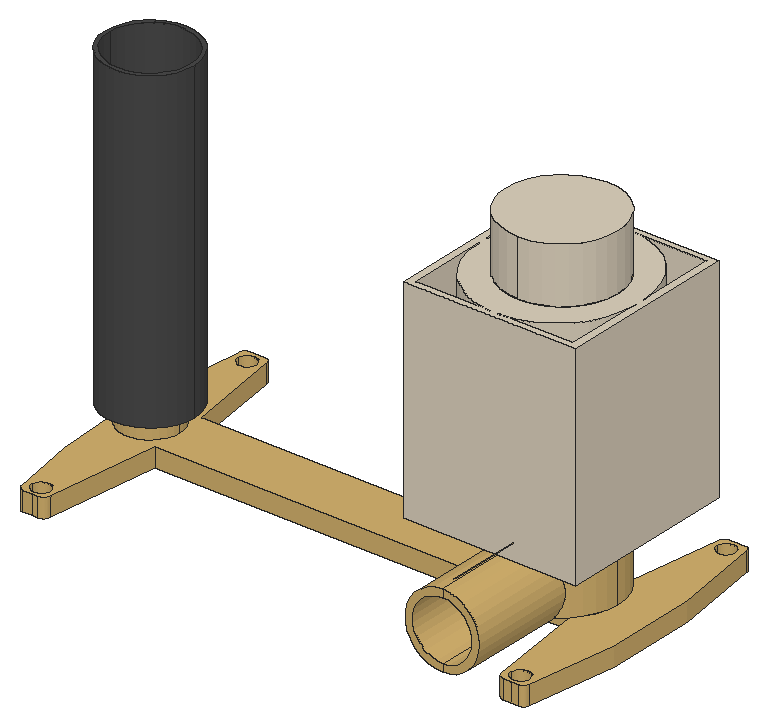
Revit family "15. Plumbing_Fixtures_Grohe_Allure_Brilliant_Concealed_23200000_14_METRIC", category Plumbing Fixtures, host Face, Revit 2014
Parameters (values of type "Depth - 45mm")
  p Rad = 10 mm
  _distributed by = "www.bimstore.co.uk"
  _current revision = 1  # constant formula
  _created by = ""
  _authorized by = "Joe Shaw"  # constant formula
  _BIMspec_GUID = 0
  Width = 129 mm
  Waste Connection = no
  WarrantyStartDate [instance] = ""
  WarrantyGuarantorParts = ""
  WarrantyGuarantorLabor = ""
  WarrantyDurationUnit = "Years"  # constant formula
  WarrantyDurationParts = ""
  WarrantyDurationLabor = ""
  WarrantyDuration = ""
  WarrantyDescription = ""
  Warranty Infomation = "N/A"
  WFU = 0
  Vent Connection = no
  URL = "www.grohe.com"
  TypeName = Type Comments  # "Allure Brilliant Single lever mixer 1/2 concealed body"
  Type Comments = "Allure Brilliant Single lever mixer 1/2 concealed body"  # constant formula
  TagNumber = ""
  SpareParts = ""
  Spare Parts List = "http://www.grohe.co.uk/en_gb/allure-brilliant-single-lever-mixer-1-2-concealed-body-23200000.html"
  Size = "45mm"
  Shape = ""
  SerialNumber [instance] = ""
  ReplacementCost = ""
  ReferencedStandard = ""
  ProductionYear = "2015"  # constant formula
  Product Page URL = "http://www.grohe.co.uk/en_gb/allure-brilliant-single-lever-mixer-1-2-concealed-body-23200000.html"
  Plate Width = 173 mm
  Plastic = Plastic, Formed
  Percentage of Recycled Content = 0
  P Length = 40 mm
  Operating Pressure = ""
  Valve Offset [instance] = 0 mm
  Offset from wall = 50 mm
  Name = Model  # "Allure Brilliant Single Lever Mixer - 23200000 "
  NBSReference = "45-35-70/330"  # constant formula
  NBSObjectName = "Shower fittings package"  # constant formula
  NBSNote = ""
  NBSDescription = "Shower fittings package"  # constant formula
  ModelNumber = "23200000"  # constant formula
  Model = "Allure Brilliant Single Lever Mixer - 23200000 "  # constant formula
  Material = "Chrome"  # constant formula
  Masterformat Title [instance] = "Residential Faucets, Supplies, and Trim"  # constant formula
  Masterformat Number [instance] = "22 41 39"  # constant formula
  Manufacturer = "Grohe AG"  # constant formula
  Low Emitting Material = no
  Length = 197 mm  # constant formula
  LEED Credit = ""
  Keynote = "N13"
  InstallationDate [instance] = ""
  Industry Standards = "N/A"  # constant formula
  Hot Water Connection Diameter = 9.6 mm
  Height = 210 mm  # constant formula
  HWFU = 0
  HW Connection = no
  Grade = ""
  Flow Rate = ""
  Finish = "Chrome"  # constant formula
  Features = ""
  Extidentifier = ""
  ExpectedLife = 0
  Ecojoy = no
  DurationUnit = "Years"  # constant formula
  DocumentationTechnical = "https://specifi.bimstore.co.uk/document/share/1201"
  DocumentationMaintenance = "https://specifi.bimstore.co.uk/document/share/1197"
  DocumentationLiterature = ""
  DocumentationInstallationGuide = ""
  DocumentationCertificates = ""
  Description = "Allure Brilliant Single lever mixer 1/2 concealed body"  # constant formula
  Default Elevation = 600 mm
  CreatedOn = "December 2015"  # constant formula
  CreatedBy = "info-uk@grohe.com"  # constant formula
  Cost = 0
  Contact Grohe = "GROHE Limited, World Business Centre 2, Newall Road, London Heathrow Airport, Hounslow, Middlesex, TW6 2SF - Tel: +44 (0) 871 200 3414 - Fax: +44 (0) 871 200 3415 - EMail: info-uk@grohe.com"  # constant formula
  Constituents = ""
  Color = "Chrome"  # constant formula
  Cold Water Connection Diameter = 9.6 mm
  CodePerformance = ""
  ClassificationValue = "Pr_40_20_87_75"  # constant formula
  ClassificationName = "Uniclass2015"  # constant formula
  CWFU = 0
  CW Connection = no
  Brass = Brass
  Base Material = Plastic, Opaque Black
  BarCode [instance] = ""
  AssetType = "Fixed"  # constant formula
  AssetIdentifier = ""
  Assembly Code = "C1030220"
  Adjustable Depth = if([45], 45 mm, 75 mm)  # 45 mm
  AccessibilityPerformance = ""
  ADA Compliant = yes
  75 = not([45])  # no
  45 = yes
Types (3, lengths in mm): name | Size | Adjustable Depth | 75 | 45
  (no name) | "45mm" | 45 | no | yes
  Depth - 75mm | "75mm" | 75 | yes | no
  Depth - 45mm | "45mm" | 45 | no | yes
Reference planes
  plane 1 "Center (Front/Back)": y = 0
  plane 2: z = 0
  plane 3 "Center (Left/Right)": x = 0
  plane 4: x = -64.5
  plane 5: x = 64.5
  plane 6: z = -45
  plane 7: z = -40
  plane 8: z = -35
  plane 9: z = 50
  plane 10: x = 46.164
  plane 11: z = -34.062
  plane 12: z = -24.062
  plane 13: y = -40
  plane 14: z = -26.062
  plane 15: x = 46.167
  plane 16: z = -24.062
  plane 17: z = -22.062
  plane 18: z = 35
Forms (mm)
  Extrusion 1, solid, material "Brass" <- "Brass"
    sketch origin (0, 0, 0) x (1, 0, 0) y (0, 1, 0)
      loop
        line (-64.5, 36.244) -> (-66.742, 36.244)
        arc (-66.742, 36.244) -> (-67.898, 35.717) -> (-68.258, 34.498) r 1.531
        arc (-68.258, 34.498) -> (-72.327, -1.984) -> (-68.273, -38.467) r 165.859
        arc (-68.273, -38.467) -> (-67.824, -39.551) -> (-66.741, -39.999) r 1.532
        line (-66.741, -39.999) -> (-64.5, -39.999) -> (-62.631, -39.999)
        arc (-62.631, -39.999) -> (-61.337, -39.498) -> (-60.719, -38.254) r 1.92
        arc (-60.719, -38.254) -> (-56.704, -1.961) -> (-60.727, 34.331) r 165.877
        arc (-60.727, 34.331) -> (-61.288, 35.684) -> (-62.641, 36.244) r 1.914
        line (-62.641, 36.244) -> (-64.5, 36.244)
      loop
        circle (-64.5, 32.62) r 2.5
      loop
        circle (-64.5, -36.682) r 2.5
    from -45 to -40
  Extrusion 2, solid, material "Plastic, Opaque Black" <- "Base Material"
    sketch origin (0, 0, 0) x (1, 0, 0) y (0, 1, 0)
      loop
        circle (-64.5, 0) r 12
      loop
        circle (-64.5, 0) r 11
    from -35 to 50
  Extrusion 3, solid, material "Brass" <- "Brass"
    sketch origin (0, 0, 0) x (1, 0, 0) y (0, 1, 0)
      loop
        circle (-64.5, 0) r 8
    from -40 to -35
  Extrusion 4, solid, material "Brass" <- "Brass"
    sketch origin (0, 0, 0) x (1, 0, 0) y (0, 1, 0)
      loop
        line (-64.5, 8) -> (-64.5, -8.07) -> (64.5, -8.07) -> (64.5, 8) -> (-64.5, 8)
    from -45 to -40
  Extrusion 5, solid, material "Brass" <- "Brass"
    sketch origin (-18.125, 0, 0) x (-1, 0, 0) y (0, -1, 0)
      loop
        circle (-64.5, 0) r 15
    from -40 to 35
  Extrusion 6, solid, material "Plastic, Formed" <- "Plastic"
    sketch origin (0, 0, 0) x (1, 0, 0) y (0, 1, 0)
      loop
        line (23.086, 24.061) -> (23.086, -24.061) -> (69.241, -24.061) -> (69.241, 24.061) -> (23.086, 24.061)
    from -22.062 to 35
  Extrusion 7, solid, material "Brass" <- "Brass"
    sketch origin (0, 0, 0) x (-1, 0, 0) y (0, -1, 0)
      loop
        line (-64.5, -36.244) -> (-62.641, -36.244)
        arc (-62.641, -36.244) -> (-61.288, -35.684) -> (-60.727, -34.331) r 1.914
        arc (-60.727, -34.331) -> (-56.704, 1.961) -> (-60.719, 38.254) r 165.877
        arc (-60.719, 38.254) -> (-61.337, 39.498) -> (-62.631, 39.999) r 1.92
        line (-62.631, 39.999) -> (-64.5, 39.999) -> (-66.741, 39.999)
        arc (-66.741, 39.999) -> (-67.824, 39.551) -> (-68.273, 38.467) r 1.532
        arc (-68.273, 38.467) -> (-72.327, 1.984) -> (-68.258, -34.498) r 165.859
        arc (-68.258, -34.498) -> (-67.898, -35.717) -> (-66.742, -36.244) r 1.531
        line (-66.742, -36.244) -> (-64.5, -36.244)
      loop
        circle (-64.5, -32.62) r 2.5
      loop
        circle (-64.5, 36.682) r 2.5
    from -45 to -40
  Extrusion 8, void
    sketch origin (0, 0, 0) x (1, 0, 0) y (0, 1, 0)
      loop
        line (25.084, 22.637) -> (25.084, 1.377)
        arc (25.084, 1.377) -> (30.87, 15.972) -> (45.084, 22.637) r 21.3
        line (45.084, 22.637) -> (25.084, 22.637)
    from 0 to 53.682
  Extrusion 9, void
    sketch origin (92.327, 0, 0) x (-1, 0, 0) y (0, -1, 0)
      loop
        line (25.084, -22.637) -> (45.084, -22.637)
        arc (45.084, -22.637) -> (30.87, -15.972) -> (25.084, -1.377) r 21.3
        line (25.084, -1.377) -> (25.084, -22.637)
    from 0 to 53.682
  Extrusion 10, void
    sketch origin (0, 0, 0) x (1, 0, 0) y (0, 1, 0)
      loop
        line (25.084, -22.637) -> (45.084, -22.637)
        arc (45.084, -22.637) -> (30.87, -15.972) -> (25.084, -1.377) r 21.3
        line (25.084, -1.377) -> (25.084, -22.637)
    from 0 to 45.628
  Extrusion 11, void
    sketch origin (92.327, 0, 0) x (-1, 0, 0) y (0, -1, 0)
      loop
        line (25.084, 22.637) -> (25.084, 1.377)
        arc (25.084, 1.377) -> (30.87, 15.972) -> (45.084, 22.637) r 21.3
        line (45.084, 22.637) -> (25.084, 22.637)
    from 0 to 53.682
  Revolve 12, solid, material "Brass" <- "Brass"
    sketch origin (46.167, -4572, 110.581) x (0, 0, 1) y (0, -1, 0)
      loop
        line (-144.643, -4572) -> (-134.643, -4572) -> (-134.643, -4532) -> (-136.643, -4532) -> (-136.643, -4570) -> (-144.643, -4570) -> (-144.643, -4572)
      axis (-144.643, -4572) -> (-144.643, -4532)
    angle from 0 to 360
  Extrusion 13, solid, material "Plastic, Formed" <- "Plastic"
    sketch origin (-18.125, 0, 70) x (0, 1, 0) y (-1, 0, 0)
      loop
        circle (0, -64.5) r 15
    from -35 to -20
Cuts and joins
  joined: Extrusion 1, Extrusion 3, Extrusion 4, Extrusion 5, Extrusion 7
  Extrusion 8, Extrusion 9, Extrusion 10, Extrusion 11 cuts Extrusion 6
Lines and regions (mm)
  Masking region 1, detail levels coarse+medium
    outline origin (0, 0, 0) x (1, 0, 0) y (0, 0, 1)
      loop
        line (-40.75, 93.1) -> (-40.75, 13) -> (40.75, 13) -> (40.75, 93.1) -> (-40.75, 93.1)
  Masking region 2, detail levels fine
    outline origin (0, 0, 0) x (1, 0, 0) y (0, 0, 1)
      loop
        line (-26.25, 15.35) -> (-26.25, 13) -> (26.25, 13) -> (26.25, 15.35)
        arc (26.25, 15.35) -> (25.811, 16.411) -> (24.75, 16.85) r 1.5
        line (24.75, 16.85) -> (-24.75, 16.85)
        arc (-24.75, 16.85) -> (-25.811, 16.411) -> (-26.25, 15.35) r 1.5
      loop
        line (-26.25, 18.1) -> (26.25, 18.1) -> (26.25, 91.638)
        arc (26.25, 91.638) -> (25.822, 92.672) -> (24.788, 93.1) r 1.462
        line (24.788, 93.1) -> (-24.788, 93.1)
        arc (-24.788, 93.1) -> (-25.822, 92.672) -> (-26.25, 91.638) r 1.462
        line (-26.25, 91.638) -> (-26.25, 18.1)
Dimensions and locks
  equal spacing: plane 4, plane 3 "Center (Left/Right)", plane 5
  "Width": plane 4 to plane 5
  "Adjustable Depth": level to plane 6
  Extrusion 1 sketch curve to plane 1 "Center (Front/Back)" = 36.682 mm
  plane 1 "Center (Front/Back)" to Extrusion 1 sketch curve = 32.62 mm
  locked: plane 7 to plane 6 at 5
  locked: plane 8 to plane 7 at 5
  "Offset from wall": plane 9 to level
  equal spacing: Extrusion 6 sketch curve, plane 1 "Center (Front/Back)", Extrusion 6 sketch curve
  Extrusion 6 sketch curve to Extrusion 6 sketch curve = 46.155 mm
  locked: plane 9 to Extrusion 6 at 15
  equal spacing: Extrusion 6 sketch curve, plane 10, Extrusion 6 sketch curve
  plane 1 "Center (Front/Back)" to Extrusion 10 = 22.637 mm
  locked: cut or joined group of Extrusion 1, Extrusion 3, Extrusion 4, Extrusion 5, Extrusion 7 to cut or joined group of Extrusion 6, Extrusion 8, Extrusion 9, Extrusion 10, Extrusion 11 at 17.938
  locked: plane 11 to plane 6 at 10.938
  "p Rad": plane 11 to plane 12
  "P Length": plane 1 "Center (Front/Back)" to plane 13
  locked: plane 14 to plane 12 at 2
  locked: plane 5 to plane 15 at 18.333
  locked: plane 1 "Center (Front/Back)" to Revolve 12 sketch curve at 2
  Extrusion 11 to plane 1 "Center (Front/Back)" = 22.637 mm
  "p Rad": plane 16 to plane 11
  locked: plane 17 to plane 16 at 2
  locked: plane 9 to plane 18 at 15
  radius of Extrusion 3 sketch curve = 8 mm
  aligned and locked: plane 2 to host face
  aligned and locked: level to host face
  aligned and locked: Extrusion 1 to plane 6
  aligned and locked: plane 6 to Extrusion 1  (x2)
  aligned and locked: plane 7 to Extrusion 1
  aligned and locked: Extrusion 3 to Extrusion 1
  aligned and locked: plane 8 to Extrusion 3
  aligned and locked: Extrusion 2 to plane 8
  aligned and locked: plane 9 to Extrusion 2
  aligned and locked: plane 4 to Extrusion 4 sketch curve
  aligned and locked: Extrusion 4 sketch curve to plane 5
  aligned and locked: Extrusion 4 to plane 6
  aligned and locked: Extrusion 1 to Extrusion 5
  aligned and locked: plane 7 to Extrusion 7
  aligned and locked: cut or joined group of Extrusion 1, Extrusion 3, Extrusion 4, Extrusion 5, Extrusion 7 to plane 6  (x2)
  aligned and locked: plane 13 to Revolve 12 sketch curve
  aligned and locked: Revolve 12 sketch curve to plane 12
  aligned and locked: Revolve 12 sketch curve to plane 11  (x2)
  aligned and locked: Revolve 12 sketch curve to plane 1 "Center (Front/Back)"
  aligned and locked: cut or joined group of Extrusion 6, Extrusion 8, Extrusion 9, Extrusion 10, Extrusion 11 to plane 17
  aligned and locked: plane 18 to cut or joined group of Extrusion 6, Extrusion 8, Extrusion 9, Extrusion 10, Extrusion 11
  aligned and locked: plane 18 to cut or joined group of Extrusion 1, Extrusion 3, Extrusion 4, Extrusion 5, Extrusion 7
  aligned and locked: Extrusion 13 to cut or joined group of Extrusion 1, Extrusion 3, Extrusion 4, Extrusion 5, Extrusion 7
  aligned and locked: Extrusion 13 to Extrusion 2
  aligned and locked: plane 7 to cut or joined group of Extrusion 1, Extrusion 3, Extrusion 4, Extrusion 5, Extrusion 7
Automatic sketch dimensions
  host sketch curve to host sketch curve = 2438.4 mm  (x2)
  plane 4 to Masking region 1 sketch curve = 23.75 mm
  Masking region 1 sketch curve to plane 10 = 5.414 mm
  level to Masking region 1 sketch curve = 13 mm
  plane 9 to Masking region 1 sketch curve = 43.1 mm
  level to Masking region 2 sketch curve = 15.35 mm
  Masking region 2 sketch curve to plane 3 "Center (Left/Right)" = 26.25 mm  (x2)
  Masking region 2 sketch curve to Masking region 2 sketch curve = 1.462 mm  (x2)
  Masking region 2 sketch curve to Masking region 2 sketch curve = 1.5 mm  (x2)
  Masking region 2 sketch curve to plane 10 = 21.414 mm
  Masking region 2 sketch curve to plane 10 = 21.375 mm
  Masking region 2 sketch curve to Masking region 2 sketch curve = 2.35 mm
  Masking region 2 sketch curve to Masking region 2 sketch curve = 1.25 mm
  plane 9 to Masking region 2 sketch curve = 41.638 mm
  Extrusion 1 sketch curve to plane 4 = 0 mm  (x4)
  Extrusion 1 sketch curve to plane 4 = 2.241 mm
  Extrusion 1 sketch curve to plane 4 = 2.242 mm
  plane 1 "Center (Front/Back)" to Extrusion 1 sketch curve = 1.98 mm
  Extrusion 1 sketch curve to plane 4 = 158.081 mm
  plane 4 to Extrusion 1 sketch curve = 1.859 mm
  plane 4 to Extrusion 1 sketch curve = 1.869 mm
  plane 1 "Center (Front/Back)" to Extrusion 1 sketch curve = 2.019 mm
  plane 5 to Extrusion 1 sketch curve = 29.032 mm
  Extrusion 1 sketch curve to Extrusion 1 sketch curve = 1.397 mm
  Extrusion 1 sketch curve to Extrusion 1 sketch curve = 1.785 mm
  Extrusion 1 sketch curve to Extrusion 1 sketch curve = 1.92 mm
  Extrusion 1 sketch curve to Extrusion 1 sketch curve = 1.711 mm
  Extrusion 1 sketch curve to Extrusion 1 sketch curve = 2.094 mm
  Extrusion 1 sketch curve to Extrusion 1 sketch curve = 1.531 mm
  Extrusion 2 sketch curve to Extrusion 2 sketch curve = 0 mm  (x2)
  plane 1 "Center (Front/Back)" to Extrusion 2 sketch curve = 0 mm
  Extrusion 2 sketch curve to plane 4 = 0 mm
  plane 1 "Center (Front/Back)" to Extrusion 3 sketch curve = 0 mm
  Extrusion 3 sketch curve to plane 4 = 0 mm
  plane 1 "Center (Front/Back)" to Extrusion 4 sketch curve = 8.07 mm
  Extrusion 4 sketch curve to plane 1 "Center (Front/Back)" = 8 mm
  plane 1 "Center (Front/Back)" to Extrusion 5 sketch curve = 0 mm
  Extrusion 5 sketch curve to plane 15 = 0.208 mm
  Extrusion 6 sketch curve to plane 10 = 23.078 mm
  plane 1 "Center (Front/Back)" to Extrusion 6 sketch curve = 24.061 mm
  Extrusion 7 sketch curve to plane 5 = 0 mm  (x4)
  Extrusion 7 sketch curve to plane 5 = 2.241 mm
  Extrusion 7 sketch curve to plane 5 = 2.242 mm
  Extrusion 7 sketch curve to plane 1 "Center (Front/Back)" = 1.98 mm
  Extrusion 7 sketch curve to plane 5 = 158.081 mm
  plane 5 to Extrusion 7 sketch curve = 1.859 mm
  plane 5 to Extrusion 7 sketch curve = 1.869 mm
  Extrusion 7 sketch curve to plane 1 "Center (Front/Back)" = 2.019 mm
  plane 4 to Extrusion 7 sketch curve = 29.032 mm
  Extrusion 7 sketch curve to plane 1 "Center (Front/Back)" = 36.682 mm
  Extrusion 7 sketch curve to Extrusion 7 sketch curve = 1.397 mm
  Extrusion 7 sketch curve to Extrusion 7 sketch curve = 1.785 mm
  Extrusion 7 sketch curve to Extrusion 7 sketch curve = 1.92 mm
  plane 1 "Center (Front/Back)" to Extrusion 7 sketch curve = 32.62 mm
  Extrusion 7 sketch curve to Extrusion 7 sketch curve = 1.711 mm
  Extrusion 7 sketch curve to Extrusion 7 sketch curve = 2.094 mm
  Extrusion 7 sketch curve to Extrusion 7 sketch curve = 1.531 mm
  Extrusion 8 sketch curve to plane 1 "Center (Front/Back)" = 1.377 mm
  Extrusion 8 sketch curve to plane 10 = 21.079 mm
  Extrusion 8 sketch curve to plane 10 = 1.079 mm
  plane 15 to Extrusion 8 sketch curve = 0.217 mm
  Extrusion 9 sketch curve to plane 5 = 2.743 mm
  Extrusion 9 sketch curve to plane 15 = 1.076 mm
  plane 10 to Extrusion 9 sketch curve = 0.221 mm
  plane 1 "Center (Front/Back)" to Extrusion 9 sketch curve = 1.377 mm
  Extrusion 10 sketch curve to plane 1 "Center (Front/Back)" = 1.377 mm
  plane 10 to Extrusion 10 sketch curve = 21.079 mm
  plane 10 to Extrusion 10 sketch curve = 1.079 mm
  Extrusion 10 sketch curve to plane 15 = 0.217 mm
  plane 5 to Extrusion 11 sketch curve = 2.743 mm
  plane 15 to Extrusion 11 sketch curve = 1.076 mm
  Extrusion 11 sketch curve to plane 10 = 0.221 mm
  plane 1 "Center (Front/Back)" to Extrusion 11 sketch curve = 1.377 mm
  plane 1 "Center (Front/Back)" to Extrusion 13 sketch curve = 0 mm
  plane 15 to Extrusion 13 sketch curve = 0.208 mm
  plane 14 to Revolve 12 sketch curve = 0 mm
  Revolve 12 sketch curve to plane 1 "Center (Front/Back)" = 147.116 mm
  Revolve 12 sketch curve to plane 13 = 106.067 mm
  radius of Extrusion 1 sketch curve = 2.5 mm  (x2)
  radius of Extrusion 2 sketch curve = 12 mm
  radius of Extrusion 2 sketch curve = 11 mm
  radius of Extrusion 5 sketch curve = 15 mm
  radius of Extrusion 7 sketch curve = 2.5 mm  (x2)
  radius of Extrusion 13 sketch curve = 15 mm
